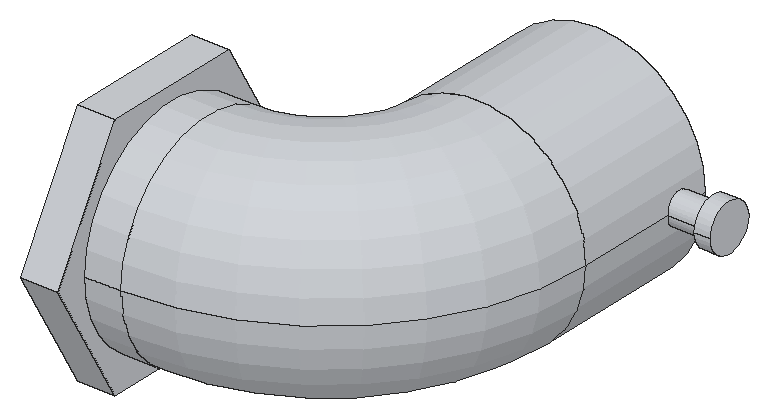
Revit family "e475c93882ad4e31bd8951539ccb1968", category Conduit Fittings, Revit 2021
Family settings
  Round Connector Dimension = Use Radius
  Part Type = Multi Port
  OmniClass Number = 23.80.30.17.11
  OmniClass Title = Conduits
  Work Plane-Based = No
  Always vertical = Yes
  Cut with Voids When Loaded = No
  Shared = No
Parameters (values of type "Standard")
  Radius 2 [instance] = 0.75 * Length 1  # 0.10045"
  Radius 1 [instance] = 0.5 * Length 1  # 0.06696"
  Nominal Radius [instance] = 1/4"
  Nominal Diameter [instance] = Nominal Radius * 2  # 1/2"
  Length 8 [instance] = Length 3 * sin(30.00°)  # 39/128"
  Length 7 [instance] = Length 3 * cos(30.00°)  # 0.52773"
  Length 5 [instance] = if(Center to End - 0.5 * Center to End < End Outside Radius, End Outside Radius + 0' 0 1/8", Center to End - 0.5 * Center to End)  # 0.635"
  Length 4 [instance] = Center to End - Length 5  # 0.635"
  Length 3 [instance] = 1.3 * End Outside Radius  # 39/64"
  Length 2 [instance] = 0.15 * End Outside Radius  # 9/128"
  Thread Length [instance] = Length 4 * 0.5  # 0.3175"
  Length 6 [instance] = Length 4 - Thread Length  # 0.3175"
  Length 1 [instance] = End Outside Diameter / 7  # 0.13393"
  End Outside Radius [instance] = End Outside Diameter / 2  # 15/32"
  End Outside Diameter [instance] = size_lookup(Conduit Size Lookup, "EOD", 1.22 * Nominal Diameter + 1/4", Nominal Diameter)  # 15/16"
  Default Elevation = 0' - 0"
  Conduit Size Lookup = "Conduit Connector 90 Deg - Set Screw - Die Cast Zinc"
  Center to End [instance] = size_lookup(Conduit Size Lookup, "CtE", 1.28 * Nominal Diameter + 169/256", Nominal Diameter)  # 1.27"
Reference planes (in)
  plane 1 "Center (Front/Back)": y = 0
  plane 2: z = 0
  plane 3 "Center (Left/Right)": x = 0
  plane 4: x = 0.3175
  plane 5: x = 0.15875
  plane 6: y = 0.635
  plane 7: y = 1.27
  plane 8: z = 0.52773
  plane 9: z = -0.52773
  plane 10: y = 0.60937
  plane 11: y = -0.60938
  plane 12: y = 0.30469
  plane 13: y = -0.30469
  plane 14: y = 1.13607
  plane 15: x = 0.9525
  plane 16: x = 1.56188
  plane 17: x = 1.63219
  plane 18: y = -0.46875
Forms (in)
  Sweep 1, solid, detail levels fine
    path in 3D
      loop
        line (0.15875, 0, 0) -> (0.3175, 0, 0)
        arc (0.3175, 0, 0) -> (0.76651, 0.18599, 0) -> (0.9525, 0.635, 0) r 0.635
        line (0.9525, 0.635, 0) -> (0.9525, 1.27, 0)
    profile origin (0.23813, 0, 0) x (0, 1, 0) y (0, 0, 1)
      loop
        circle (0, 0) r 0.46875
  Extrusion 2, solid, detail levels fine
    sketch origin (0, 0, 0) x (0, 1, 0) y (0, 0, 1)
      loop
        line (0.30469, 0.52773) -> (-0.30469, 0.52773) -> (-0.60937, 0) -> (-0.30469, -0.52773) -> (0.30469, -0.52773) -> (0.60937, 0) -> (0.30469, 0.52773)
    from 0 to 0.15875
  Extrusion 3, solid, detail levels fine
    sketch origin (0, 0, 0) x (0, 1, 0) y (0, 0, 1)
      loop
        circle (1.13607, 0) r 0.10045
    from 1.56188 to 1.63219
  Extrusion 4, solid, detail levels fine
    sketch origin (0, 0, 0) x (0, 1, 0) y (0, 0, 1)
      loop
        circle (1.13607, 0) r 0.06696
    from 0.9525 to 1.56188
  Extrusion 5, solid, detail levels fine
    sketch origin (0, 0, 0) x (0, 1, 0) y (0, 0, 1)
      loop
        circle (0, 0) r 0.125
    from 0 to 0.15875
Cuts and joins
  joined: Sweep 1, Extrusion 2, Extrusion 3, Extrusion 4, Extrusion 5
Lines and regions (in)
  model lines, detail levels coarse+medium
    curve 1: line (0.15875, 0, 0) -> (0.3175, 0, 0)
    curve 2: arc (0.3175, 0, 0) -> (0.76651, 0.18599, 0) -> (0.9525, 0.635, 0) r 0.635
    curve 3: line (0.9525, 0.635, 0) -> (0.9525, 1.27, 0)
    curve 7: line (0, 0, 0) -> (0.15875, 0, 0)
  sketch lines
    curve 4: line (0.15875, 0, 0) -> (0.3175, 0, 0)
    curve 5: arc (0.3175, 0, 0) -> (0.76651, 0.18599, 0) -> (0.9525, 0.635, 0) r 0.635
    curve 6: line (0.9525, 0.635, 0) -> (0.9525, 1.27, 0)
Dimensions and locks (in)
  "Length 6": plane 3 "Center (Left/Right)" to plane 4
  equal spacing: plane 3 "Center (Left/Right)", plane 5, plane 4
  "Length 5": plane 6 to plane 1 "Center (Front/Back)"
  "Length 4": plane 7 to plane 6
  "Length 7": plane 8 to plane 2
  equal spacing: plane 8, plane 2, plane 9
  "Length 3": plane 10 to plane 1 "Center (Front/Back)"
  equal spacing: plane 10, plane 1 "Center (Front/Back)", plane 11
  "Length 8": plane 12 to plane 1 "Center (Front/Back)"
  equal spacing: plane 12, plane 1 "Center (Front/Back)", plane 13
  "Length 3": curve 2 to Extrusion 2 sketch curve
  "Length 3": Extrusion 2 sketch curve to plane 1 "Center (Front/Back)"
  "Length 1": plane 7 to plane 14
  "Length 5": plane 4 to plane 15
  "Length 3": plane 15 to plane 16
  "Length 2": plane 16 to plane 17
  "End Outside Radius": plane 18 to plane 1 "Center (Front/Back)"  (x2)
  "Length 5": radius of curve 2
  "End Outside Radius": radius of Sweep 1 sketch curve
  "Radius 2": radius of Extrusion 3 sketch curve
  "Radius 1": radius of Extrusion 4 sketch curve
  radius of Extrusion 5 sketch curve = 0' - 0 1/8"
  locked: curve 2 to curve 2 (angle 90.00°)
  aligned and locked: plane 1 "Center (Front/Back)" to curve 1
  aligned and locked: plane 6 to curve 2
  aligned and locked: plane 4 to curve 2
  aligned and locked: plane 7 to curve 3
  aligned and locked: plane 6 to curve 3
  aligned and locked: Extrusion 2 sketch curve to plane 8
  aligned and locked: plane 8 to Extrusion 2 sketch curve
  aligned and locked: plane 11 to Extrusion 2 sketch curve
  aligned and locked: plane 2 to Extrusion 2 sketch curve  (x2)
  aligned and locked: plane 13 to Extrusion 2 sketch curve  (x2)
  aligned and locked: plane 9 to Extrusion 2 sketch curve
  aligned and locked: plane 12 to Extrusion 2 sketch curve
  aligned and locked: Extrusion 2 to plane 3 "Center (Left/Right)"
  aligned and locked: plane 5 to Extrusion 2
  aligned and locked: plane 14 to Extrusion 3 sketch curve
  aligned and locked: plane 2 to Extrusion 3 sketch curve
  aligned and locked: Extrusion 3 to plane 16
  aligned and locked: plane 17 to Extrusion 3
  aligned and locked: plane 14 to Extrusion 4 sketch curve
  aligned and locked: plane 2 to Extrusion 4 sketch curve
  aligned and locked: Extrusion 4 to plane 15
  aligned and locked: plane 16 to Extrusion 4
  aligned and locked: plane 3 "Center (Left/Right)" to curve 7
  aligned and locked: plane 5 to curve 7
  aligned and locked: plane 1 "Center (Front/Back)" to curve 7
  aligned and locked: plane 1 "Center (Front/Back)" to Extrusion 5 sketch curve
  aligned and locked: plane 2 to Extrusion 5 sketch curve
  aligned and locked: Extrusion 5 to plane 3 "Center (Left/Right)"
  aligned and locked: plane 5 to Extrusion 5
Automatic sketch dimensions
  Sweep 1 sketch curve to profile plane = 0' - 0"  (x2)
  Extrusion 2 sketch curve to plane 10 = 0' - 0"
Connectors (in)
  cabletrayconduit at (0, 0, 0), diameter 0.5, driven by "Nominal Radius"
    settings: on Extrusion 5, index 1, connector width 1' - 0", connector height 1' - 0", connector angle 0.00°, system type 32, placement type 0, profile type 0, connector reference index 2, is primary connector yes, connector utility param no, connector description ""
  cabletrayconduit at (0.9525, 1.27, 0), diameter 0.5, driven by "Nominal Radius"
    settings: on cut or joined group of Sweep 1, Extrusion 2, Extrusion 3, Extrusion 4, Extrusion 5, index 2, connector width 1' - 0", connector height 1' - 0", connector angle 0.00°, system type 32, placement type 0, profile type 0, connector reference index 1, is primary connector no, connector utility param no, connector description ""
